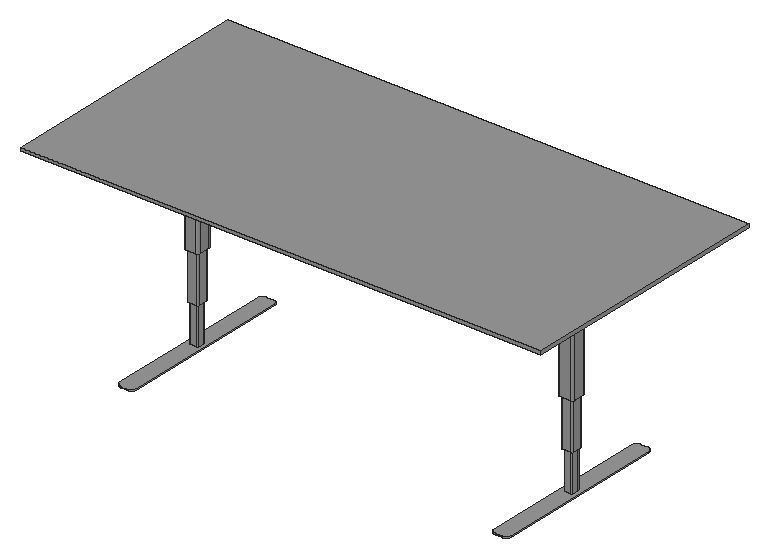
Revit family "MyFlowMeetingTable", category Furniture, Revit 2019
Family settings
  OmniClass Number = 23.40.20.00
  OmniClass Title = General Furniture and Specialties
  Work Plane-Based = No
  Always vertical = Yes
  Cut with Voids When Loaded = No
  Shared = No
  Room Calculation Point = No
Parameters
  Width [instance] = 2000 mm
  Version = ""
  Uniclass2015Version = ""
  Uniclass2015Title = ""
  Uniclass2015Description = ""
  Uniclass2015Code = ""
  UNSPSCCode = ""
  TableTop [instance] = White (TableTop)
  SharpCourners [instance] = yes
  Rounded/SharpCourners [instance] = no
  RoudedCourners [instance] = no
  Revision = ""
  ProductInformation = ""
  NorminalHeight = 0 mm
  NorminalDepth = 0 mm
  Model = "MyFlow Meeting Table"
  Manufacturer = "ISKU"
  ManufactureURL = "https://www.isku.fi"
  LegColour [instance] = White (Leg)
  IfcExportType = ""
  IfcExportAs = ""
  IfcClassification = ""
  Height [instance] = 800 mm
  Depth [instance] = 1000 mm
  COBIeTypeCategory = ""
  BIMObjectName = ""
  AuthorURL = "https://www.prodlib.com"
  Author = "ProdLib Oy"  # constant formula
Reference planes
  plane 1 "Center (Front/Back)": y = 0
  plane 2: z = 0
  plane 3 "Center (Left/Right)": x = 0
  plane 4: x = 1000
  plane 5: x = -1000
  plane 6: y = 500
  plane 7: y = -500
  plane 8: z = 800
  plane 9: z = 787
Dimensions and locks
  equal spacing: plane 7, plane 1 "Center (Front/Back)", plane 6
  "Depth": plane 6 to plane 7
  equal spacing: plane 5, plane 3 "Center (Left/Right)", plane 4
  "Width": plane 5 to plane 4
  "Height": plane 8 to plane 2
  locked: plane 8 to plane 9 at 13
  aligned and locked: level to plane 2
  aligned and locked: nested 1 to plane 2
  aligned and locked: nested 2 to plane 9
  aligned and locked: plane 8 to nested 2
Nested families
  nested 1: "Leg" at (0, 0, 0), type "Leg"
    with Height 800 mm
  nested 2: "TableTop" at (0, 0, 0), type "SharpCourneus"
    with Width 2000 mm, Height 800 mm, Depth 1000 mm
Definition of nested family "Leg"
  Parameters (values of type "Leg")
    Version = ""
    Uniclass2015Version = ""
    Uniclass2015Title = ""
    Uniclass2015Description = ""
    Uniclass2015Code = ""
    UNSPSCCode = ""
    Revision = ""
    ProductInformation = ""
    NorminalHeight = 0 mm
    NorminalDepth = 0 mm
    ManufactureURL = ""
    LegColour = none
    IfcExportType = ""
    IfcExportAs = ""
    IfcClassification = ""
    Height = 850 mm
    COBIeTypeCategory = ""
    BIMObjectName = ""
    AuthorURL = "https://www.prodlib.com"
    Author = "ProdLib Oy"  # constant formula
  Reference planes
    plane 1 "Center (Front/Back)": y = 0
    plane 2: z = 0
    plane 3 "Center (Left/Right)": x = 0
    plane 4: z = 3
    plane 5: z = 150
    plane 6: z = 333
    plane 7: z = 837
    plane 8: z = 850
  Forms (mm)
    Extrusion 1, solid, material <- "LegColour"
      sketch origin (0, 0, 0) x (1, 0, 0) y (0, 1, 0)
        loop
          arc (-732.5, 350) -> (-746.615, 344.169) -> (-752.5, 330.076) r 20
          line (-752.5, 330.076) -> (-752.5, -330)
          arc (-752.5, -330) -> (-746.642, -344.142) -> (-732.5, -350) r 20
          line (-732.5, -350) -> (-707.5, -350)
          arc (-707.5, -350) -> (-693.358, -344.142) -> (-687.5, -330) r 20
          line (-687.5, -330) -> (-687.5, 330)
          arc (-687.5, 330) -> (-693.358, 344.142) -> (-707.5, 350) r 20
          line (-707.5, 350) -> (-732.5, 350)
        loop
          line (732.5, 350) -> (707.5, 350)
          arc (707.5, 350) -> (693.358, 344.142) -> (687.5, 330) r 20
          line (687.5, 330) -> (687.5, -330)
          arc (687.5, -330) -> (693.358, -344.142) -> (707.5, -350) r 20
          line (707.5, -350) -> (732.5, -350)
          arc (732.5, -350) -> (746.642, -344.142) -> (752.5, -330) r 20
          line (752.5, -330) -> (752.5, 330.076)
          arc (752.5, 330.076) -> (746.615, 344.169) -> (732.5, 350) r 20
      from 0 to 3
    Extrusion 2, solid, material <- "LegColour"
      sketch origin (0, 0, 0) x (1, 0, 0) y (0, 1, 0)
        loop
          arc (-732, 16) -> (-734.828, 14.828) -> (-736, 12) r 4
          line (-736, 12) -> (-736, -12)
          arc (-736, -12) -> (-734.828, -14.828) -> (-732, -16) r 4
          line (-732, -16) -> (-708, -16)
          arc (-708, -16) -> (-705.172, -14.828) -> (-704, -12) r 4
          line (-704, -12) -> (-704, 12)
          arc (-704, 12) -> (-705.172, 14.828) -> (-708, 16) r 4
          line (-708, 16) -> (-732, 16)
        loop
          line (732, 16) -> (708, 16)
          arc (708, 16) -> (705.172, 14.828) -> (704, 12) r 4
          line (704, 12) -> (704, -12)
          arc (704, -12) -> (705.172, -14.828) -> (708, -16) r 4
          line (708, -16) -> (732, -16)
          arc (732, -16) -> (734.828, -14.828) -> (736, -12) r 4
          line (736, -12) -> (736, 12)
          arc (736, 12) -> (734.828, 14.828) -> (732, 16) r 4
      from 3 to 150
    Extrusion 3, solid, material <- "LegColour"
      sketch origin (0, 0, 0) x (1, 0, 0) y (0, 1, 0)
        loop
          arc (-697.5, 16.5) -> (-699.257, 20.743) -> (-703.5, 22.5) r 6
          line (-703.5, 22.5) -> (-736.5, 22.5)
          arc (-736.5, 22.5) -> (-740.743, 20.743) -> (-742.5, 16.5) r 6
          line (-742.5, 16.5) -> (-742.5, -16.5)
          arc (-742.5, -16.5) -> (-740.743, -20.743) -> (-736.5, -22.5) r 6
          line (-736.5, -22.5) -> (-703.5, -22.5)
          arc (-703.5, -22.5) -> (-699.257, -20.743) -> (-697.5, -16.5) r 6
          line (-697.5, -16.5) -> (-697.5, 16.5)
        loop
          line (697.5, 16.5) -> (697.5, -16.5)
          arc (697.5, -16.5) -> (699.257, -20.743) -> (703.5, -22.5) r 6
          line (703.5, -22.5) -> (736.5, -22.5)
          arc (736.5, -22.5) -> (740.743, -20.743) -> (742.5, -16.5) r 6
          line (742.5, -16.5) -> (742.5, 16.5)
          arc (742.5, 16.5) -> (740.743, 20.743) -> (736.5, 22.5) r 6
          line (736.5, 22.5) -> (703.5, 22.5)
          arc (703.5, 22.5) -> (699.257, 20.743) -> (697.5, 16.5) r 6
      from 150 to 333
    Extrusion 4, solid, material <- "LegColour"
      sketch origin (0, 0, 0) x (1, 0, 0) y (0, 1, 0)
        loop
          arc (-740, 30) -> (-747.071, 27.071) -> (-750, 20) r 10
          line (-750, 20) -> (-750, -20)
          arc (-750, -20) -> (-747.071, -27.071) -> (-740, -30) r 10
          line (-740, -30) -> (-700, -30)
          arc (-700, -30) -> (-692.929, -27.071) -> (-690, -20) r 10
          line (-690, -20) -> (-690, 20)
          arc (-690, 20) -> (-692.929, 27.071) -> (-700, 30) r 10
          line (-700, 30) -> (-740, 30)
        loop
          line (740, 30) -> (700, 30)
          arc (700, 30) -> (692.929, 27.071) -> (690, 20) r 10
          line (690, 20) -> (690, -20)
          arc (690, -20) -> (692.929, -27.071) -> (700, -30) r 10
          line (700, -30) -> (740, -30)
          arc (740, -30) -> (747.071, -27.071) -> (750, -20) r 10
          line (750, -20) -> (750, 20)
          arc (750, 20) -> (747.071, 27.071) -> (740, 30) r 10
      from 333 to 837
  Dimensions and locks
    locked: plane 8 to plane 7 at 13
    "Height": plane 8 to plane 2
    aligned and locked: level to plane 2
    aligned and locked: Extrusion 1 to plane 2
    aligned and locked: plane 4 to Extrusion 1
    aligned and locked: plane 5 to Extrusion 2
    aligned and locked: Extrusion 2 to plane 4
    aligned and locked: Extrusion 3 to plane 5
    aligned and locked: plane 6 to Extrusion 3
    aligned and locked: Extrusion 4 to plane 6
    aligned and locked: plane 7 to Extrusion 4
    aligned and locked: Extrusion 4 to plane 7
  Automatic sketch dimensions
    Extrusion 1 sketch curve to plane 3 "Center (Left/Right)" = 752.5 mm
    Extrusion 1 sketch curve to Extrusion 1 sketch curve = 20 mm  (x8)
    Extrusion 1 sketch curve to Extrusion 1 sketch curve = 25 mm  (x4)
    Extrusion 1 sketch curve to plane 1 "Center (Front/Back)" = 330 mm  (x2)
    plane 3 "Center (Left/Right)" to Extrusion 1 sketch curve = 687.5 mm
    plane 1 "Center (Front/Back)" to Extrusion 1 sketch curve = 330 mm  (x2)
    Extrusion 2 sketch curve to plane 1 "Center (Front/Back)" = 12 mm  (x2)
    Extrusion 2 sketch curve to plane 3 "Center (Left/Right)" = 736 mm
    Extrusion 2 sketch curve to Extrusion 2 sketch curve = 4 mm  (x6)
    Extrusion 2 sketch curve to Extrusion 2 sketch curve = 24 mm  (x3)
    plane 1 "Center (Front/Back)" to Extrusion 2 sketch curve = 12 mm  (x2)
    Extrusion 2 sketch curve to Extrusion 2 sketch curve = 0 mm
    plane 3 "Center (Left/Right)" to Extrusion 2 sketch curve = 704 mm
    Extrusion 3 sketch curve to plane 1 "Center (Front/Back)" = 16.5 mm  (x2)
    Extrusion 3 sketch curve to plane 3 "Center (Left/Right)" = 742.5 mm
    Extrusion 3 sketch curve to Extrusion 3 sketch curve = 6 mm  (x6)
    Extrusion 3 sketch curve to Extrusion 3 sketch curve = 33 mm  (x2)
    plane 1 "Center (Front/Back)" to Extrusion 3 sketch curve = 16.5 mm  (x2)
    Extrusion 3 sketch curve to Extrusion 3 sketch curve = 0 mm  (x2)
    plane 3 "Center (Left/Right)" to Extrusion 3 sketch curve = 697.5 mm
    plane 1 "Center (Front/Back)" to Extrusion 4 sketch curve = 20 mm  (x3)
    Extrusion 4 sketch curve to plane 3 "Center (Left/Right)" = 750 mm
    Extrusion 4 sketch curve to Extrusion 4 sketch curve = 10 mm  (x6)
    Extrusion 4 sketch curve to Extrusion 4 sketch curve = 40 mm  (x3)
    plane 3 "Center (Left/Right)" to Extrusion 4 sketch curve = 690 mm
    Extrusion 4 sketch curve to plane 1 "Center (Front/Back)" = 20 mm  (x2)
Definition of nested family "TableTop"
  Parameters (values of type "SharpCourneus")
    Width = 500 mm
    Version = ""
    Uniclass2015Version = ""
    Uniclass2015Title = ""
    Uniclass2015Description = ""
    Uniclass2015Code = ""
    UNSPSCCode = ""
    TableTopColour = none
    SharpCourners = yes
    RoundedCourners = no
    Rounded/SharpCourners = no
    Revision = ""
    ProductInformation = ""
    NorminalHeight = 0 mm
    NorminalDepth = 0 mm
    ManufactureURL = ""
    IfcExportType = ""
    IfcExportAs = ""
    IfcClassification = ""
    Height = 400 mm
    Depth = 385 mm
    COBIeTypeCategory = ""
    BIMObjectName = ""
    AuthorURL = "https://www.prodlib.com"
    Author = "ProdLib Oy"  # constant formula
  Types (4, lengths in mm): name | SharpCourners | RoundedCourners | Rounded/SharpCourners
    (no name) | yes | no | no
    SharpCourneus | yes | no | no
    RoundedCourners | no | yes | no
    Rounded/SharpCourners | no | no | yes
  Reference planes
    plane 1 "Center (Front/Back)": y = 0
    plane 2: z = 0
    plane 3 "Center (Left/Right)": x = 0
    plane 4: x = 250
    plane 5: x = -250
    plane 6: y = -192.5
    plane 7: z = 400
    plane 8: y = 192.5
    plane 9: z = 387
  Forms (mm)
    Extrusion 1, solid, material <- "TableTopColour", visible <- "RoundedCourners"
      sketch origin (0, 0, 0) x (1, 0, 0) y (0, 1, 0)
        loop
          arc (-180, 192.5) -> (-229.497, 171.997) -> (-250, 122.5) r 70
          line (-250, 122.5) -> (-250, 0) -> (-250, -122.5)
          arc (-250, -122.5) -> (-229.497, -171.997) -> (-180, -192.5) r 70
          line (-180, -192.5) -> (0, -192.5) -> (180, -192.5)
          arc (180, -192.5) -> (229.497, -171.997) -> (250, -122.5) r 70
          line (250, -122.5) -> (250, 0) -> (250, 122.5)
          arc (250, 122.5) -> (229.497, 171.997) -> (180, 192.5) r 70
          line (180, 192.5) -> (0, 192.5) -> (-180, 192.5)
      from 387 to 400
    Extrusion 2, solid, material <- "TableTopColour", visible <- "SharpCourners"
      sketch origin (0, 0, 0) x (1, 0, 0) y (0, 1, 0)
        loop
          line (-250, 192.5) -> (-250, -192.5) -> (250, -192.5) -> (250, 192.5) -> (-250, 192.5)
      from 387 to 400
    Extrusion 3, solid, material <- "TableTopColour", visible <- "Rounded/SharpCourners"
      sketch origin (0, 0, 0) x (1, 0, 0) y (0, 1, 0)
        loop
          line (250, 192.5) -> (-180, 192.5)
          arc (-180, 192.5) -> (-229.497, 171.997) -> (-250, 122.5) r 70
          line (-250, 122.5) -> (-250, -122.5)
          arc (-250, -122.5) -> (-229.497, -171.997) -> (-180, -192.5) r 70
          line (-180, -192.5) -> (250, -192.5) -> (250, 192.5)
      from 387 to 400
  Dimensions and locks
    equal spacing: plane 5, plane 3 "Center (Left/Right)", plane 4
    "Width": plane 5 to plane 4
    "Height": plane 7 to plane 2
    equal spacing: plane 6, plane 1 "Center (Front/Back)", plane 8
    "Depth": plane 6 to plane 8
    locked: plane 7 to plane 9 at 13
    aligned and locked: level to plane 2
    aligned and locked: plane 7 to Extrusion 1
    aligned and locked: plane 9 to Extrusion 1
    aligned and locked: plane 7 to Extrusion 2
    aligned and locked: plane 9 to Extrusion 2
    aligned and locked: plane 4 to Extrusion 3
    aligned and locked: Extrusion 3 to plane 8
    aligned and locked: Extrusion 3 to plane 6
    aligned and locked: plane 5 to Extrusion 3
    aligned and locked: plane 7 to Extrusion 3
    aligned and locked: plane 9 to Extrusion 3
  Automatic sketch dimensions
    Extrusion 1 sketch curve to plane 5 = 0 mm
    plane 8 to Extrusion 1 sketch curve = 0 mm
    Extrusion 1 sketch curve to plane 6 = 0 mm
    Extrusion 1 sketch curve to plane 3 "Center (Left/Right)" = 0 mm  (x2)
    Extrusion 1 sketch curve to plane 4 = 0 mm
    plane 1 "Center (Front/Back)" to Extrusion 1 sketch curve = 0 mm  (x2)
    Extrusion 1 sketch curve to plane 5 = 70 mm
    Extrusion 1 sketch curve to Extrusion 1 sketch curve = 70 mm
    Extrusion 1 sketch curve to plane 4 = 70 mm  (x2)
    Extrusion 2 sketch curve to plane 5 = 0 mm
    Extrusion 2 sketch curve to plane 4 = 0 mm
    Extrusion 2 sketch curve to plane 6 = 0 mm
    plane 8 to Extrusion 2 sketch curve = 0 mm
    Extrusion 3 sketch curve to plane 5 = 0 mm
    Extrusion 3 sketch curve to plane 6 = 0 mm
    plane 8 to Extrusion 3 sketch curve = 0 mm
    Extrusion 3 sketch curve to plane 4 = 0 mm
    Extrusion 3 sketch curve to plane 5 = 70 mm
    plane 8 to Extrusion 3 sketch curve = 70 mm
